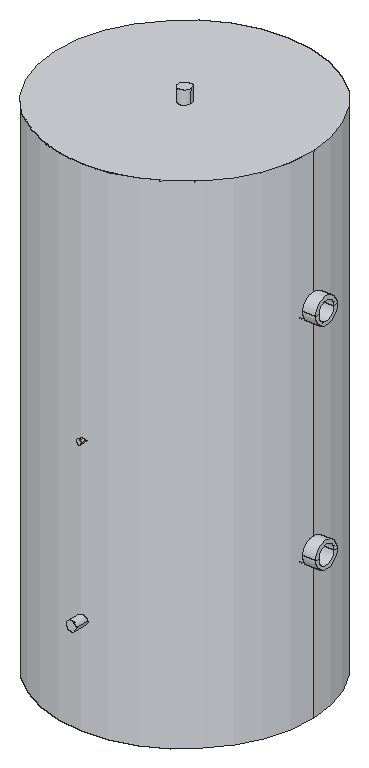
Revit family
Parameters (values of type "SBT030")
  offset plane = Tank Radius - 3/4"  # 9 1/4"
  drain height = 7 3/4"
  bulbwell height = 20 1/4"
  WEIGHT (LBS) = "70"
  TANK DIAMETER = Tank Radius * 2  # 20"
  URL = "http://www.lochinvar.com/products/default.aspx?type=productline&lineid=173"
  supply height = 28 3/4"
  return height = 11 3/4"
  SES BIM Studio # = "201264901-14"
  Model = "SBT030"
  Manufacturer = "Lochinvar"
  MODEL NO. = "SBT030"
  GALLON CAPACITY = "30"
  Tank Radius = 10"
  HEIGHT = 39 1/2"
  Description = "Squire Stainles Steel Buffer Tank"
  Connections Radius = 3/4"
Types (5): name | offset plane | drain height | bulbwell height | WEIGHT (LBS) | TANK DIAMETER | supply height | return height | Model | MODEL NO. | GALLON CAPACITY | Tank Radius | HEIGHT | Connections Radius
  (no name) | 9 1/4" | 7 3/4" | 20 1/4" | "70" | 20" | 28 3/4" | 11 3/4" | "SBT030" | "SBT030" | "30" | 10" | 39 1/2" | 3/4"
  SBT050 | 11 1/4" | 8 3/4" | 24 1/4" | "120" | 24" | 33 3/4" | 14 3/4" | "SBT050" | "SBT050" | "50" | 12" | 47" | 3/4"
  SBT030 | 9 1/4" | 7 3/4" | 20 1/4" | "70" | 20" | 28 3/4" | 11 3/4" | "SBT030" | "SBT030" | "30" | 10" | 39 1/2" | 3/4"
  SBT080 | 11 1/4" | 8 3/4" | 35 1/4" | "153" | 24" | 55 3/4" | 14 3/4" | "SBT050" | "SBT080" | "80" | 12" | 69 1/2" | 1"
  SBT119 | 13 1/4" | 9" | 34 1/4" | "198" | 28" | 54 3/4" | 15" | "SBT119" | "SBT119" | "119" | 14" | 68 1/2" | 1"
Reference planes (in)
  plane 1 "Center (Front/Back)": y = 4
  plane 2: z = 0
  plane 3 "Center (Left/Right)": x = -1.95769
  plane 4 "Top": z = 39.5
  plane 5: z = 11.75
  plane 6: z = 28.75
  plane 7: y = -5.25
  plane 8: x = 7.29231
  plane 9: x = -11.20769
  plane 10: z = 20.25
  plane 11: z = 7.75
Forms (in)
  Extrusion 1, solid
    sketch origin (0, 0, 0) x (1, 0, 0) y (0, 1, 0)
      loop
        circle (-1.95769, 4) r 10
    from 0 to 39.5
  Extrusion 2, solid
    sketch origin (-24.56394, -5.25, 48) x (-1, 0, 0) y (0, 0, 1)
      loop
        circle (-22.60625, -40.25) r 0.375
    from -1.75 to 0
  Revolve 3, solid
    sketch origin (12, -180, 28.75) x (-1, 0, 0) y (0, -1, 0)
      loop
        line (23.20769, -184.75) -> (23.20769, -185) -> (24.95769, -185) -> (24.95769, -184.75) -> (23.20769, -184.75)
      axis (24.95769, -184) -> (23.20769, -184)
    angle from 0 to 360
  Revolve 4, solid
    sketch origin (12, -180, 28.75) x (-1, 0, 0) y (0, -1, 0)
      loop
        line (4.70769, -184.75) -> (2.95769, -184.75) -> (2.95769, -185) -> (4.70769, -185) -> (4.70769, -184.75)
      axis (4.70769, -184) -> (2.95769, -184)
    angle from 0 to 360
  Revolve 5, solid
    sketch origin (12, -180, 11.75) x (-1, 0, 0) y (0, -1, 0)
      loop
        line (4.70769, -184.75) -> (2.95769, -184.75) -> (2.95769, -185) -> (4.70769, -185) -> (4.70769, -184.75)
      axis (4.70769, -184) -> (2.95769, -184)
    angle from 0 to 360
  Revolve 6, solid
    sketch origin (12, -180, 11.75) x (-1, 0, 0) y (0, -1, 0)
      loop
        line (23.20769, -184.75) -> (23.20769, -185) -> (24.95769, -185) -> (24.95769, -184.75) -> (23.20769, -184.75)
      axis (24.95769, -184) -> (23.20769, -184)
    angle from 0 to 360
  Extrusion 7, solid
    sketch origin (-24.56394, -5.25, 48) x (-1, 0, 0) y (0, 0, 1)
      loop
        circle (-22.60625, -27.75) r 0.1875
    from 0 to -1
  Extrusion 8, solid
    sketch origin (0, 0, 39.5) x (-1, 0, 0) y (0, -1, 0)
      loop
        circle (1.95769, -4) r 0.5
    from 0 to 1
Dimensions and locks (in)
  "HEIGHT": plane 4 "Top" to level
  "supply height": plane 6 to level
  "return height": plane 5 to level
  "offset plane": plane 1 "Center (Front/Back)" to plane 7
  locked: Revolve 3 sketch curve to Revolve 3 sketch curve at 0.25
  "Connections Radius": Revolve 3 sketch curve to Revolve 3 sketch curve
  "Connections Radius": Revolve 4 sketch curve to Revolve 4 sketch curve
  locked: Revolve 4 sketch curve to Revolve 4 sketch curve at 0.25
  "Connections Radius": Revolve 5 sketch curve to Revolve 5 sketch curve
  locked: Revolve 5 sketch curve to Revolve 5 sketch curve at 0.25
  "offset plane": Revolve 3 sketch curve to plane 3 "Center (Left/Right)"
  "offset plane": plane 3 "Center (Left/Right)" to Revolve 5 sketch curve
  "offset plane": plane 3 "Center (Left/Right)" to Revolve 4 sketch curve
  locked: Revolve 6 sketch curve to Revolve 6 sketch curve at 0.25
  "Connections Radius": Revolve 6 sketch curve to Revolve 6 sketch curve
  locked: plane 7 to Extrusion 2 at 1.75
  "offset plane": plane 3 "Center (Left/Right)" to plane 8
  "offset plane": plane 9 to plane 3 "Center (Left/Right)"
  locked: Revolve 6 to Revolve 6 at 1.75
  locked: Revolve 3 to plane 9 at 1.75
  locked: plane 8 to Revolve 4 at 1.75
  locked: plane 8 to Revolve 5 at 1.75
  "bulbwell height": plane 10 to level
  "drain height": plane 11 to level
  "Tank Radius": radius of Extrusion 1 sketch curve
  aligned and locked: plane 4 "Top" to Extrusion 1
  aligned and locked: plane 3 "Center (Left/Right)" to Extrusion 2 sketch curve
  aligned and locked: Extrusion 1 to level
  aligned: plane 7 to Extrusion 2
  aligned and locked: Extrusion 2 to plane 7
  aligned and locked: Revolve 6 to plane 9  (x2)
  aligned and locked: Revolve 4 to plane 8  (x2)
  aligned and locked: Revolve 3 to plane 9  (x2)
  aligned and locked: plane 9 to Revolve 6
  aligned and locked: Revolve 5 to plane 8
  aligned and locked: plane 3 "Center (Left/Right)" to Extrusion 7 sketch curve
  aligned and locked: plane 10 to Extrusion 7 sketch curve
  aligned and locked: plane 11 to Extrusion 2 sketch curve
Automatic sketch dimensions
  plane 1 "Center (Front/Back)" to Extrusion 1 sketch curve = 0"
  Extrusion 1 sketch curve to plane 3 "Center (Left/Right)" = 0"
  plane 1 "Center (Front/Back)" to Revolve 3 sketch curve = 0"
  plane 1 "Center (Front/Back)" to Revolve 4 sketch curve = 0"
  plane 1 "Center (Front/Back)" to Revolve 5 sketch curve = 0"
  plane 1 "Center (Front/Back)" to Revolve 6 sketch curve = 0"
  Revolve 3 sketch curve to Revolve 3 sketch curve = 1 3/4"
  Revolve 3 sketch curve to Revolve 3 sketch curve = 8"
  Revolve 4 sketch curve to plane 3 "Center (Left/Right)" = 35"
  Revolve 5 sketch curve to plane 3 "Center (Left/Right)" = 35"
  Revolve 6 sketch curve to plane 3 "Center (Left/Right)" = 9 1/4"
  Revolve 6 sketch curve to Revolve 6 sketch curve = 1 3/4"
  Revolve 6 sketch curve to Revolve 6 sketch curve = 24"
  plane 3 "Center (Left/Right)" to Revolve 3 sketch curve = 32"
  Revolve 4 sketch curve to Revolve 4 sketch curve = 1 3/4"
  Revolve 4 sketch curve to Revolve 4 sketch curve = 5"
  Revolve 5 sketch curve to Revolve 5 sketch curve = 1 3/4"
  Revolve 5 sketch curve to Revolve 5 sketch curve = 5"
  plane 3 "Center (Left/Right)" to Revolve 6 sketch curve = 32"
  plane 1 "Center (Front/Back)" to Extrusion 8 sketch curve = 0"
  Extrusion 8 sketch curve to plane 3 "Center (Left/Right)" = 0"
  radius of Extrusion 2 sketch curve = 3/8"
  radius of Extrusion 7 sketch curve = 3/16"
  radius of Extrusion 8 sketch curve = 1/2"
Connectors (in)
  piping at (-12.95769, 4, 28.75), driven by "Connections Radius"
    settings: on Revolve 3, index 10, connector radius 3/4", flow factor 0, pipe flow 0 GPM, pressure drop 0.00 psi, fitting loss kfactor 0, connector angle 0.00°, fixture units 0, flow configuration 0, flow direction 2, fitting loss method 0, system type 7, connector reference index -1, connector utility 0, adjustable connector no, is connector primary yes, fitting loss table "", connector description "Water Outlet"
  piping at (9.04231, 4, 11.75), driven by "Connections Radius"
    settings: on Revolve 5, index 14, connector radius 3/4", flow factor 0, pipe flow 0 GPM, pressure drop 0.00 psi, fitting loss kfactor 0, connector angle 0.00°, fixture units 0, flow configuration 0, flow direction 2, fitting loss method 0, system type 8, connector reference index -1, connector utility 0, adjustable connector no, is connector primary no, fitting loss table "", connector description "Water Outlet"
  piping at (9.04231, 4, 28.75), driven by "Connections Radius"
    settings: on Revolve 4, index 15, connector radius 3/4", flow factor 0, pipe flow 0 GPM, pressure drop 0.00 psi, fitting loss kfactor 0, connector angle 0.00°, fixture units 0, flow configuration 0, flow direction 1, fitting loss method 0, system type 7, connector reference index -1, connector utility 0, adjustable connector no, is connector primary no, fitting loss table "", connector description "Water Inlet"
  piping at (-12.95769, 4, 11.75), driven by "Connections Radius"
    settings: on Revolve 6, index 16, connector radius 3/4", flow factor 0, pipe flow 0 GPM, pressure drop 0.00 psi, fitting loss kfactor 0, connector angle 0.00°, fixture units 0, flow configuration 0, flow direction 1, fitting loss method 0, system type 8, connector reference index -1, connector utility 0, adjustable connector no, is connector primary no, fitting loss table "", connector description "Water Inlet"
  hvac at (-1.95769, 4, 40.5)
    settings: on Extrusion 8, index 17, duct flow 0 CFM, flow factor 0, pres drop 0.00 in-wg, loss coef 0, conn angle 0.00°, conn width 12", conn height 12", conn radius 1/2", duct sys type 3, conn prof type 0, flow config 0, flow direction 2, loss method 0, conn ref index -1, conn util no, is conn primary yes, conn desc "Vent"
  piping at (-1.95769, -7, 7.75)
    settings: on Extrusion 2, index 18, connector radius 3/8", flow factor 0, pipe flow 0 GPM, pressure drop 0.00 psi, fitting loss kfactor 0, connector angle 0.00°, fixture units 0, flow configuration 0, flow direction 2, fitting loss method 0, system type 16, connector reference index -1, connector utility 0, adjustable connector no, is connector primary no, fitting loss table "", connector description "Drain"
